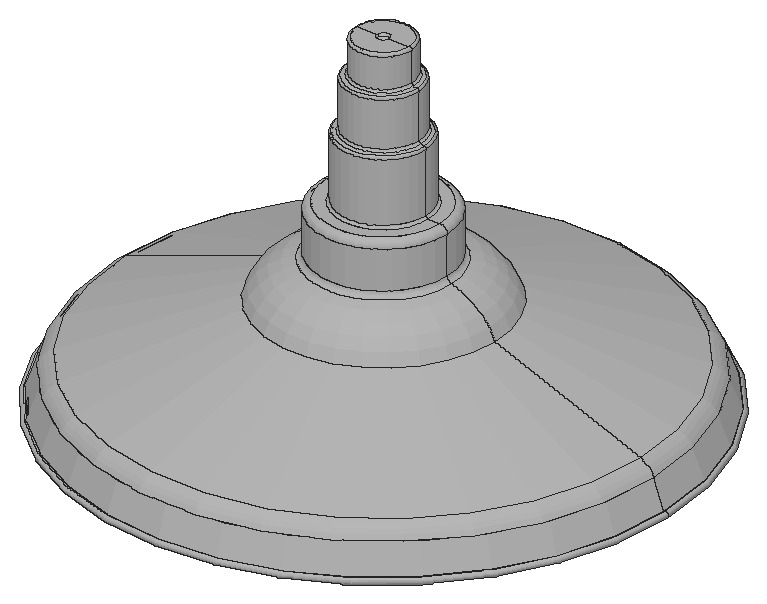
Revit family "S324 SHADE", category Lighting Fixtures, Revit 2024
Family settings
  Round Connector Dimension = Use Diameter
  Part Type = Normal
  OmniClass Number = 23.80.70.00
  OmniClass Title = Lighting
  Work Plane-Based = No
  Always vertical = Yes
  Cut with Voids When Loaded = No
  Light Source = Yes
  Maintain Annotation Orientation = No
  Shared = No
  Room Calculation Point = No
Parameters
  Wattage = 12.1178 W
  built-in parameter 1150110 = 1 (stored number, unit not read)
  built-in parameter 1114217 = 1 (stored number, unit not read)
  built-in parameter 1150109 = 1 (stored number, unit not read)
  built-in parameter 1150134 = (empty or 0)
  built-in parameter 1150113 = 1 (stored number, unit not read)
  Lumens = 1800 lm
  built-in parameter 1150115 = 1 (stored number, unit not read)
  built-in parameter 1150105 = 572.96 (stored number, unit not read)
  Light Source Symbol Size = 2' - 0"
  built-in parameter 1150137 = (empty or 0)
  built-in parameter 1150139 = (empty or 0)
  built-in parameter 1150112 = 1 (stored number, unit not read)
  built-in parameter 1150114 = 1 (stored number, unit not read)
  built-in parameter 1150132 = 2
  built-in parameter 1150102 = (empty or 0)
  built-in parameter 1150138 = (empty or 0)
  built-in parameter 1150107 = 3000 (stored number, unit not read)
  built-in parameter 1150106 = 5.7296 (stored number, unit not read)
  built-in parameter 1150104 = 13.8 (stored number, unit not read)
  Dimming Lamp Color Temperature Shift = (empty or 0)
  Default Elevation = 0' - 0"
  Color Filter = 16777215
  built-in parameter 1114218 = 1 (stored number, unit not read)
  built-in parameter 1150133 = 10 (stored number, unit not read)
Reference planes (in)
  plane 1 "Light Source Axis (F/B)": y = 0
  plane 2: z = 0
  plane 3 "Light Source Axis (L/R)": x = 0
  plane 4 "Light Source Elevation": z = 54
Forms (in)
  Revolve 1, solid
    sketch origin (0, 0, 0) x (1, 0, 0) y (0, 0, 1)
      loop
        line (-11.75782, 54.16853) -> (-11.31295, 55.32557)
        arc (-11.31295, 55.32557) -> (-11.10485, 55.61766) -> (-10.81205, 55.82475) r 1.07188
        arc (-10.81205, 55.82475) -> (-7.77118, 57.09825) -> (-4.61661, 58.05606) r 32.39287
        arc (-4.61661, 58.05606) -> (-3.94185, 59.04811) -> (-2.86785, 59.58287) r 2.37126
        arc (-2.86785, 59.58287) -> (-2.67275, 59.70063) -> (-2.59375, 59.91439) r 0.34474
        line (-2.59375, 59.91439) -> (-2.59375, 61.48499)
        arc (-2.59375, 61.48499) -> (-2.53334, 61.63084) -> (-2.3875, 61.69124) r 0.20625
        line (-2.3875, 61.69124) -> (-1.8875, 61.69124)
        arc (-1.8875, 61.69124) -> (-1.7505, 61.74799) -> (-1.69375, 61.88499) r 0.19375
        line (-1.69375, 61.88499) -> (-1.69375, 64.36355) -> (-1.53612, 64.40689)
        arc (-1.53612, 64.40689) -> (-1.42982, 64.48096) -> (-1.39375, 64.6054) r 0.19419
        line (-1.39375, 64.6054) -> (-1.39375, 66.44716) -> (-1.23672, 66.48924)
        arc (-1.23672, 66.48924) -> (-1.13333, 66.55849) -> (-1.09375, 66.67647) r 0.1929
        line (-1.09375, 66.67647) -> (-1.09375, 67.90625) -> (-0.25, 67.90625) -> (-0.25, 68) -> (-1.0875, 68)
        arc (-1.0875, 68) -> (-1.15821, 67.97071) -> (-1.1875, 67.9) r 0.1
        line (-1.1875, 67.9) -> (-1.1875, 66.67621)
        arc (-1.1875, 66.67621) -> (-1.20779, 66.61546) -> (-1.26098, 66.57979) r 0.09915
        line (-1.26098, 66.57979) -> (-1.42022, 66.53712)
        arc (-1.42022, 66.53712) -> (-1.47127, 66.50143) -> (-1.4875, 66.44129) r 0.09122
        line (-1.4875, 66.44129) -> (-1.4875, 64.60223)
        arc (-1.4875, 64.60223) -> (-1.50534, 64.53653) -> (-1.56098, 64.49729) r 0.10044
        line (-1.56098, 64.49729) -> (-1.71402, 64.4552)
        arc (-1.71402, 64.4552) -> (-1.76704, 64.4194) -> (-1.7875, 64.35878) r 0.1
        line (-1.7875, 64.35878) -> (-1.7875, 61.88499)
        arc (-1.7875, 61.88499) -> (-1.81679, 61.81428) -> (-1.8875, 61.78499) r 0.1
        line (-1.8875, 61.78499) -> (-2.3875, 61.78499)
        arc (-2.3875, 61.78499) -> (-2.59963, 61.69713) -> (-2.6875, 61.48499) r 0.3
        line (-2.6875, 61.48499) -> (-2.6875, 59.91526)
        arc (-2.6875, 59.91526) -> (-2.74524, 59.76009) -> (-2.88704, 59.67463) r 0.25099
        arc (-2.88704, 59.67463) -> (-3.98435, 59.13528) -> (-4.6875, 58.13499) r 2.46501
        arc (-4.6875, 58.13499) -> (-7.82634, 57.17802) -> (-10.85262, 55.90927) r 32.48662
        arc (-10.85262, 55.90927) -> (-11.17245, 55.68265) -> (-11.39907, 55.36281) r 1.16563
        line (-11.39907, 55.36281) -> (-11.82694, 54.25) -> (-11.875, 54.25)
        arc (-11.875, 54.25) -> (-11.94636, 54.02237) -> (-11.75782, 54.16853) r 0.125
      axis (0, 68) -> (0, 54.16853)
    angle from 0 to 360
Dimensions and locks (in)
  aligned and locked: plane 3 "Light Source Axis (L/R)" to imposter light
  aligned and locked: plane 1 "Light Source Axis (F/B)" to imposter light
  aligned and locked: plane 4 "Light Source Elevation" to imposter light
  aligned and locked: level to plane 2
